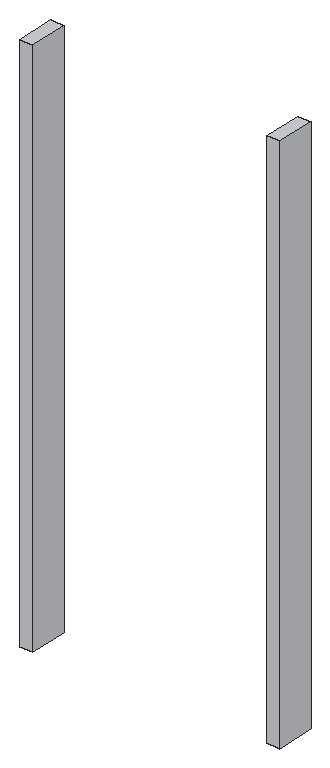
Revit family "08_KingStud", category Generic Models, host Wall, Revit 2020
Family settings
  Host = Wall
  Can host rebar = No
  Round Connector Dimension = Use Diameter
  Part Type = Normal
  OmniClass Number = 23.30.10.00
  OmniClass Title = Doors
  Always vertical = Yes
  Cut with Voids When Loaded = No
  Shared = No
  Room Calculation Point = No
Parameters
  Width [instance] = 3' - 0"
  Wall Thickness [instance] = 0' - 6"
  StudDepth_Constraint [instance] = if(Stud Depth by Wall Thickness, Wall Thickness, Stud Depth)  # 0' - 6"
  Stud Width = 0' - 2"
  Stud Depth by Wall Thickness [instance] = yes
  Stud Depth [instance] = 0' - 6"
  Height [instance] = 7' - 0"
  Wall Closure = By host
Reference planes (in)
  plane 1 "Center (Front/Back)": y = 0
  plane 2 "Center (Left/Right)": x = 0
  plane 3 "Left": x = -18
  plane 4 "Right": x = 18
  plane 5 "Top": z = 84
  plane 6 "Exterior": y = 3
  plane 7 "Interior": y = -3
Forms (in)
  Extrusion 1, solid
    sketch origin (0, 0, 0) x (1, 0, 0) y (0, 1, 0)
      loop
        line (-18, -3) -> (-18, 3) -> (-20, 3) -> (-20, -3) -> (-18, -3)
      loop
        line (18, -3) -> (20, -3) -> (20, 3) -> (18, 3) -> (18, -3)
    from 0 to 84 <- "Height"
Text (in)
  text "Exterior" at (-74.96733, 27.31104, 0), in view "Ref. Level"
  text "Interior" at (-74.96733, -25.14366, 0), in view "Ref. Level"
  text "Exterior" at (0, 40.15149, 123.01588), in view "Right"
  text "Interior" at (0, -64.39139, 123.01588), in view "Right"
  text "Interior" at (0, -31.01599, 123.00693), in view "Left"
  text "Exterior" at (0, 54.57065, 123.00693), in view "Left"
Dimensions and locks (in)
  equal spacing: plane 3 "Left", plane 2 "Center (Left/Right)", plane 4 "Right"
  "Height": level to plane 5 "Top"
  "Width": plane 3 "Left" to plane 4 "Right"
  "Stud Width": Extrusion 1 sketch curve to plane 3 "Left"
  "Stud Width": plane 4 "Right" to Extrusion 1 sketch curve
  "Wall Thickness": host wall to host wall
  equal spacing: Extrusion 1 sketch curve, plane 1 "Center (Front/Back)", Extrusion 1 sketch curve
  "StudDepth_Constraint": Extrusion 1 sketch curve to Extrusion 1 sketch curve
  aligned and locked: plane 6 "Exterior" to host wall
  aligned and locked: plane 7 "Interior" to host wall
  aligned and locked: Extrusion 1 sketch curve to plane 3 "Left"
  aligned and locked: Extrusion 1 sketch curve to plane 4 "Right"
  aligned and locked: Extrusion 1 sketch curve to Extrusion 1 sketch curve  (x2)
